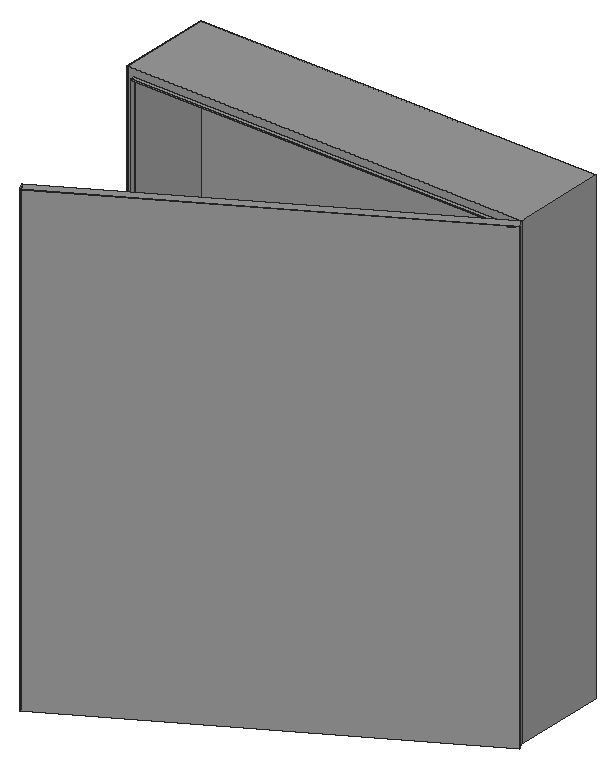
Revit family "Hager-Univers-IP44-D205-H950-Cl.I-encl-NoHosted-NL-en", category Equipement électrique, Revit 2020
Family settings
  Configuration du panneau = Deux colonnes, circuits au sein
  Cote de connecteur circulaire = Utiliser le diamètre
  Type d'élément = Tableau de raccordement
  Basée sur le plan de construction = Oui
  Toujours verticalement = Oui
  Couper avec des vides une fois chargée = Non
  Partagée = Non
  Point de calcul de pièce = Non
Parameters (values of type "Surface mounted (plaster) IP44 W800 H950 D205  - FP63QT")
  Width Control [instance] = if([EF000008 - Width] > Min Width, [EF000008 - Width], Min Width)  # 800 mm
  Commentaires du type = [HG000003 - Range]  # "Univers"
  Thickness Door [instance] = if([EF009171 - Material plate thickness door/cover] > 3 mm, 3 mm, [EF009171 - Material plate thickness door/cover])  # 1 mm
  Seal Frame Offset [instance] = 17 mm  # constant formula
  Plinth Visibility [instance] = [HG000027 - Plinth height] > 0 mm  # no
  Min Width [instance] = 100 mm  # constant formula
  Min Depth [instance] = (2 * [EF009170 - Material plate thickness cabinet]) + 1 mm  # 3 mm
  Min Height [instance] = 100 mm  # constant formula
  Internal Frame Depth [instance] = (Door System Depth * 0.5)  # 9 mm
  Panel Name [instance] = ""  # (empty or 0)
  Model = ""
  HG000027 - Plinth height = 0 mm
  HG000026 - Floor standing = no
  HG000024 - Bottom section height = 600 mm
  HG000023 - Double section enclosure = no
  HG000016 - Door 3d visibility [instance] = yes
  HG000015 - Clearance visibility [instance] = no
  HG000014 - Door on the right [instance] = yes
  HG000013 - Door on the left [instance] = not([HG000014 - Door on the right])  # no
  HG000012 - Door swing angle [instance] = 30.00°
  HG000010 - Asymmetric doors = no
  HG000009 - Double swing door = no
  HG000006 - Flush mounted = no
  HG000004 - Manufacturer reference = "FP63QT"
  HG000003 - Range = "Univers"
  HG000002 - With door or cover = yes
  Frame Offset Bottom [instance] = 10 mm  # constant formula
  Frame Offset [instance] = 15 mm  # constant formula
  EF015940 - Cover with overpressure release = no
  EF011959 - Degree of protection (NEMA) = ""
  EF009554 - Number of openings for flange plates = 6
  EF009212 - Cover model = "EV000116 - Closed"
  EF009171 - Material plate thickness door/cover = 1 mm
  EF009170 - Material plate thickness cabinet = 1 mm
  EF008873 - Nominal current (In) = 250 A
  EF007800 - Suitable for lightning protection = no
  EF006306 - With lock = no
  EF006244 - Transparent cover/door = no
  EF005474 - Degree of protection (IP) = "EV006418 - IP44"
  EF004464 - Type of door = "EV002646 - Single"
  EF004427 - Number of modules = 216
  EF004293 - Impact strength = "EV006815 - IK09"
  EF003532 - Suitable for outdoor use = no
  EF002950 - Width in number of modular spacings = 36
  EF001613 - Circuit integrity = "EV000494 - None"
  EF001596 - Material housing = "EV000179 - Steel"
  EF001131 - Internal depth = 130 mm
  EF001088 - Extension possible = yes
  EF000437 - Number of conduit inlets = 6
  EF000339 - Type of cover = "EV001012 - Cover"
  EF000266 - Number of rows = 6
  EF000218 - Built-in depth = 0 mm
  EF000118 - With mounting plate = no
  EF000116 - RAL-number = "9010"
  EF000049 - Depth = 205 mm
  EF000040 - Height = 950 mm
  EF000008 - Width = 800 mm
  EF000007 - Colour = "EV000202 - White"
  EF000003 - Mounting method = "EV000384 - Surface mounted (plaster)"
  Door System Leaf Tolerance [instance] = 1.5 mm  # constant formula
  Door System Depth [instance] = 18 mm  # constant formula
  Door Height [instance] = Height Control - [HG000027 - Plinth height]  # 950 mm
  Description = ""
  Default Elevation = 1219.2 mm
  Connector Offset [instance] = Height Control / 2  # 475 mm
  Fabricant = "Hager"  # constant formula
  Height Control [instance] = if([EF000040 - Height] > Min Height, [EF000040 - Height], Min Height)  # 950 mm
  Depth Control [instance] = if([EF000049 - Depth] > Min Depth, [EF000049 - Depth], Min Depth)  # 205 mm
  Bottom Top Plate Trim [instance] = 1.5 mm  # constant formula
  Plinth height Ctrl [instance] = if([HG000027 - Plinth height] > 0 mm, [HG000027 - Plinth height], 12 mm)  # 12 mm
Types (5, lengths in mm): name | Width Control | HG000004 - Manufacturer reference | EF009554 - Number of openings for flange plates | EF004464 - Type of door | EF004427 - Number of modules | EF002950 - Width in number of modular spacings | EF000437 - Number of conduit inlets | EF000008 - Width
  Surface mounted (plaster) IP44 W1050 H950 D205  - FP64QT | 1050 | "FP64QT" | 8 | "EV003602 - Double" | 288 | 48 | 8 | 1050
  Surface mounted (plaster) IP44 W1300 H950 D205  - FP65QT | 1300 | "FP65QT" | 10 | "EV003602 - Double" | 360 | 60 | 10 | 1300
  Surface mounted (plaster) IP44 W300 H950 D205  - FP61QT | 300 | "FP61QT" | 2 | "EV002646 - Single" | 72 | 12 | 2 | 300
  Surface mounted (plaster) IP44 W550 H950 D205  - FP62QT | 550 | "FP62QT" | 4 | "EV002646 - Single" | 144 | 24 | 4 | 550
  Surface mounted (plaster) IP44 W800 H950 D205  - FP63QT | 800 | "FP63QT" | 6 | "EV002646 - Single" | 216 | 36 | 6 | 800
Reference planes
  plane 1 "Center (Front/Back)": y = 0
  plane 2: z = 0
  plane 3 "Center (Left/Right)": x = 0
  plane 4: y = 0
  plane 5: y = 0
  plane 6: z = 0
  plane 7: x = -400
  plane 8: x = 400
  plane 9: x = 399
  plane 10: x = -399
  plane 11: z = 0
  plane 12: z = 1
  plane 13: y = -205
  plane 14: y = -1
  plane 15: x = 0
  plane 16: y = -187
  plane 17: y = -204
  plane 18: y = -186
  plane 19: x = -384
  plane 20: x = 384
  plane 21: z = 11
  plane 22: x = -383
  plane 23: x = 383
  plane 24: z = 0
  plane 25: z = 950
  plane 26: z = 950
  plane 27: z = 934
  plane 28: z = 949
Forms (mm)
  Extrusion 1, solid, material "Hager_Steel_RAL7035_Light_Grey", detail levels medium+fine
    sketch origin (-208.679, -4572, 0) x (-1, 0, 0) y (0, -1, 0)
      loop
        line (191.321, -4385) -> (-608.679, -4385) -> (-608.679, -4572) -> (191.321, -4572) -> (191.321, -4385)
    from 0 to 950
  Extrusion 2, void
    sketch origin (-350.771, -205, 1219.2) x (1, 0, 0) y (0, 0, 1)
      loop
        line (-48.229, -270.2) -> (-48.229, -1218.2) -> (749.771, -1218.2) -> (749.771, -270.2) -> (-48.229, -270.2)
    from -19 to -204
  Extrusion 3, void
    sketch origin (-290.084, -187, 1219.2) x (1, 0, 0) y (0, 0, 1)
      loop
        line (-93.916, -1208.2) -> (674.084, -1208.2) -> (674.084, -285.2) -> (-93.916, -285.2) -> (-93.916, -1208.2)
    from 0 to -1
  Extrusion 4, solid, material "Hager_Steel_RAL7035_Light_Grey", visible <- "Plinth Visibility", detail levels medium+fine
    sketch origin (0, 0, 0) x (1, 0, 0) y (0, 1, 0)
      loop
        line (-400, 0) -> (-400, -187) -> (400, -187) -> (400, 0) -> (-400, 0)
    from 0 to 12 <- "Plinth height Ctrl"
  Extrusion 5, solid, material "Hager_Steel_RAL7035_Light_Grey", detail levels coarse
    sketch origin (0, 0, 0) x (1, 0, 0) y (0, 1, 0)
      loop
        line (-400, 0) -> (-400, -205) -> (400, -205) -> (400, 0) -> (-400, 0)
    from 0 to 950 <- "Height Control"
  Sweep 6, void
    path in 3D
      loop
        line (-400, -187, 12) -> (400, -187, 12) -> (400, 0, 12) -> (-400, 0, 12) -> (-400, -187, 12)
    profile origin (-400, -93.5, 12) x (1, 0, 0) y (0, 0, 1)
      loop
        line (0, 0) -> (0, -1.5) -> (1.5, -1.5)
        arc (1.5, -1.5) -> (1.061, -0.439) -> (0, 0) r 1.5
  Extrusion 7, solid, material "Hager_Steel_RAL7035_Light_Grey", detail levels fine
    sketch origin (-400, -187, 0) x (1, 0, 0) y (0, 0, 1)
      loop
        line (16, 11) -> (784, 11) -> (784, 934) -> (16, 934) -> (16, 11)
      loop
        line (15, 10) -> (785, 10) -> (785, 935) -> (15, 935) -> (15, 10)
    from 0 to 9 <- "Internal Frame Depth"
Cuts and joins
  Extrusion 2, Extrusion 3 cuts Extrusion 1
  Sweep 6 cuts Extrusion 4
Lines and regions (mm)
  Masking region 1
    outline origin (0, 0, 0) x (1, 0, 0) y (0, 1, 0)
      loop
        line (-400, 0) -> (-400, -205) -> (400, -205) -> (400, 0) -> (-400, 0)
  Masking region 2, detail levels coarse
    outline origin (-290.084, -187, 1219.2) x (-1, 0, 0) y (0, 0, 1)
      loop
        line (-690.084, -1219.2) -> (109.916, -1219.2) -> (109.916, -269.2) -> (-690.084, -269.2) -> (-690.084, -1219.2)
  Masking region 3, detail levels coarse
    outline origin (0, 0, 0) x (0, 1, 0) y (0, 0, 1)
      loop
        line (0, 0) -> (0, 950) -> (-205, 950) -> (-205, 0) -> (0, 0)
  Masking region 4, visible <- "Plinth Visibility", detail levels medium+fine
    outline origin (0, 0, 0) x (0, 1, 0) y (0, 0, 1)
      loop
        line (-1.5, 12) -> (-185.5, 12)
        arc (-185.5, 12) -> (-185.939, 10.939) -> (-187, 10.5) r 1.5
        line (-187, 10.5) -> (-187, 0) -> (0, 0) -> (0, 10.5)
        arc (0, 10.5) -> (-1.061, 10.939) -> (-1.5, 12) r 1.5
  Masking region 5, detail levels medium+fine
    outline origin (0, 0, 594.038) x (0, 1, 0) y (0, 0, 1)
      loop
        line (0, -594.038) -> (0, 355.962) -> (-187, 355.962) -> (-187, -594.038) -> (0, -594.038)
  Masking region 6, detail levels medium+fine
    outline origin (-359.7, -187, 1211.883) x (-1, 0, 0) y (0, 0, 1)
      loop
        line (-759.7, -1211.883) -> (40.3, -1211.883) -> (40.3, -261.883) -> (-759.7, -261.883) -> (-759.7, -1211.883)
  Masking region 7, visible <- "Plinth Visibility", detail levels medium+fine
    outline origin (-320.334, -187, 1041.368) x (-1, 0, 0) y (0, 0, 1)
      loop
        line (-720.334, -1041.368) -> (79.666, -1041.368) -> (79.666, -1030.868)
        arc (79.666, -1030.868) -> (78.606, -1030.429) -> (78.166, -1029.368) r 1.5
        line (78.166, -1029.368) -> (-718.834, -1029.368)
        arc (-718.834, -1029.368) -> (-719.273, -1030.429) -> (-720.334, -1030.868) r 1.5
        line (-720.334, -1030.868) -> (-720.334, -1041.368)
  sketch lines
    curve 1: line (-400, 0, 12) -> (-400, -187, 12)
    curve 2: line (-400, -187, 12) -> (400, -187, 12)
    curve 3: line (400, 0, 12) -> (-400, 0, 12)
    curve 4: line (400, -187, 12) -> (400, 0, 12)
Dimensions and locks
  locked: plane 1 "Center (Front/Back)" to plane 5
  "EF009170 - Material plate thickness cabinet": plane 7 to plane 10
  "EF009170 - Material plate thickness cabinet": plane 8 to plane 9
  equal spacing: plane 7, plane 3 "Center (Left/Right)", plane 8
  "Width Control": plane 7 to plane 8
  "Depth Control": plane 4 to plane 13
  "EF009170 - Material plate thickness cabinet": plane 4 to plane 14
  "Height Control": plane 25 to level
  "HG000027 - Plinth height": plane 11 to level
  "EF009170 - Material plate thickness cabinet": plane 12 to plane 11
  "EF009170 - Material plate thickness cabinet": plane 17 to plane 13
  "EF009170 - Material plate thickness cabinet": plane 18 to plane 16
  "Frame Offset Bottom": plane 21 to plane 12
  "Frame Offset": plane 10 to plane 19
  "Frame Offset": plane 9 to plane 20
  "Door System Depth": plane 16 to plane 13
  "Seal Frame Offset": plane 7 to plane 22
  "Seal Frame Offset": plane 8 to plane 23
  "EF009170 - Material plate thickness cabinet": plane 26 to plane 28
  "Frame Offset": plane 28 to plane 27
  "Connector Offset": plane 2 to connector elem
  "Bottom Top Plate Trim": profile plane to Sweep 6 sketch curve
  "Bottom Top Plate Trim": Sweep 6 sketch curve to Sweep 6 sketch curve
  "Plinth height Ctrl": Masking region 4 sketch curve to level
  "Plinth height Ctrl": Masking region 7 sketch curve to level
  "Thickness Door": Extrusion 7 sketch curve to Extrusion 7 sketch curve  (x4)
  "Bottom Top Plate Trim": radius of Sweep 6 sketch curve
  "Bottom Top Plate Trim": radius of Masking region 4 sketch curve  (x2)
  "Bottom Top Plate Trim": radius of Masking region 7 sketch curve  (x2)
  aligned and locked: Extrusion 2 sketch curve to plane 12
  aligned and locked: Extrusion 2 sketch curve to plane 9
  aligned and locked: Extrusion 2 sketch curve to plane 10
  aligned and locked: Extrusion 2 to plane 14
  aligned and locked: Extrusion 1 sketch curve to plane 4
  aligned and locked: plane 8 to Extrusion 1 sketch curve
  aligned and locked: plane 7 to Extrusion 1 sketch curve
  aligned and locked: Extrusion 2 to plane 18
  aligned and locked: Extrusion 3 sketch curve to plane 19
  aligned and locked: plane 20 to Extrusion 3 sketch curve
  aligned and locked: Extrusion 3 to Extrusion 2
  aligned and locked: Extrusion 3 sketch curve to plane 21
  aligned and locked: plane 3 "Center (Left/Right)" to nested 1
  aligned and locked: Extrusion 1 sketch curve to plane 16
  aligned and locked: Extrusion 4 sketch curve to cut or joined group of Extrusion 1, Extrusion 2, Extrusion 3
  aligned and locked: Masking region 1 sketch curve to plane 7
  aligned and locked: Masking region 1 sketch curve to plane 5
  aligned and locked: Masking region 1 sketch curve to plane 8
  aligned and locked: Masking region 2 sketch curve to level
  aligned and locked: level to Masking region 3 sketch curve
  aligned and locked: plane 1 "Center (Front/Back)" to Masking region 3 sketch curve
  aligned and locked: plane 13 to Masking region 3 sketch curve
  aligned and locked: plane 5 to Masking region 4 sketch curve
  aligned and locked: Masking region 2 sketch curve to plane 8
  aligned and locked: Masking region 2 sketch curve to plane 7
  aligned and locked: plane 7 to nested 2
  aligned and locked: nested 2 to plane 5
  aligned and locked: plane 5 to Masking region 5 sketch curve
  aligned and locked: plane 26 to Masking region 5 sketch curve
  aligned and locked: Extrusion 5 sketch curve to plane 8
  aligned and locked: Extrusion 5 sketch curve to plane 7
  aligned and locked: Extrusion 5 sketch curve to plane 5
  aligned and locked: Extrusion 3 sketch curve to plane 27
  aligned and locked: Extrusion 2 sketch curve to plane 28
  aligned and locked: Masking region 2 to plane 25
  aligned and locked: Extrusion 4 to plane 16
  aligned and locked: profile plane to Sweep 6 sketch curve
  aligned and locked: Masking region 5 sketch curve to plane 24
  aligned and locked: level to Masking region 4 sketch curve
  aligned and locked: Masking region 1 to plane 13
  aligned and locked: nested 1 to plane 16
  aligned and locked: Masking region 3 to plane 25
  aligned and locked: plane 16 to Masking region 4 sketch curve
  aligned and locked: Masking region 5 sketch curve to plane 16
  aligned and locked: plane 24 to plane 11
  aligned and locked: plane 26 to plane 25
  aligned and locked: plane 26 to cut or joined group of Extrusion 1, Extrusion 2, Extrusion 3
  aligned and locked: nested 1 to plane 24
  aligned and locked: Extrusion 1 to Extrusion 3
  aligned and locked: Masking region 6 sketch curve to plane 8
  aligned and locked: Masking region 6 sketch curve to plane 24
  aligned and locked: Masking region 6 sketch curve to plane 7
  aligned and locked: Masking region 6 sketch curve to plane 26
  aligned and locked: Masking region 7 sketch curve to plane 7
  aligned and locked: level to Masking region 7 sketch curve
  aligned and locked: Masking region 7 sketch curve to plane 8
  aligned and locked: Extrusion 7 sketch curve to cut or joined group of Extrusion 1, Extrusion 2, Extrusion 3  (x4)
Automatic sketch dimensions
  plane 19 to Extrusion 3 sketch curve = 0 mm
  Extrusion 3 sketch curve to plane 20 = 0 mm
  Extrusion 3 sketch curve to plane 21 = 0 mm
  Extrusion 4 sketch curve to plane 7 = 0 mm
  Extrusion 4 sketch curve to plane 8 = 0 mm
  Extrusion 4 sketch curve to plane 16 = 0 mm
  Masking region 1 sketch curve to plane 13 = 0 mm
  Masking region 2 sketch curve to plane 25 = 0 mm
  Masking region 3 sketch curve to plane 25 = 0 mm
  Extrusion 5 sketch curve to plane 13 = 0 mm
  profile plane to Sweep 6 sketch curve = 0 mm
Nested families
  nested 1: "EC000058_Univers_Door" at (0, -187, 0), Double <- "HG000009 - Double swing door", Transparent <- "EF006244 - Transparent cover/door", Angle <- "HG000012 - Door swing angle", Door_Right <- "HG000014 - Door on the right", Assymetrical <- "HG000010 - Asymmetric doors", Door <- "HG000002 - With door or cover", Width_Ctrl <- "Width Control", 3d_Door <- "HG000016 - Door 3d visibility", Clearance <- "HG000015 - Clearance visibility", Door_Left <- "HG000013 - Door on the left", Width <- "Width Control", Door_Depth <- "Door System Depth", Leaf_Tolerance <- "Door System Leaf Tolerance", Height <- "Door Height", Lock_Visibility <- "EF006306 - With lock", Thickness <- "Thickness Door", type "EC000058_Univers_Door", detail levels medium+fine
    with min_wh 3 mm, Width_Ctrl 800 mm, Width 800 mm, Transparent no, Thickness 1 mm, Seal_Material Hager_Rubber, Lock_Visibility no, Lock_Material Hager_Plastic_RAL9005_Jet_Black, Leaf_Width 800 mm, Leaf_Tolerance_External_Sides 0 mm, Leaf_Tolerance 1.5 mm, Leaf_Offset 0 mm, Leaf_Height 947 mm, Leaf_2_Width 800 mm, Leaf_2_Offset 400 mm, Leaf_1_Width 800 mm, Leaf_1_Offset 400 mm, Height_Ctrl 950 mm, Height 950 mm, Glass_Material Hager_Glass, Double_Clearance_Ctrl no, Double no, Door_Right_Ctrl yes, Door_Right yes, Door_Material Hager_Steel_RAL7035_Light_Grey, Door_Left_Ctrl no, Door_Left no, Door_Depth 18 mm, Door yes, Clearance_Material Hager_Clearance, Clearance_Depth 800 mm, Clearance_Ctrl no, Clearance no, Assymetrical no, Angle 30.00°, 3d_Door yes
  nested 2: "Hager_Enclosure_Symbol" at (-400, 0, 0), Height <- "Depth Control", Width <- "Width Control", type "Hager_Enclosure_Symbol"
    with Width_Ctrl 800 mm, Width 800 mm, Height_Ctrl 205 mm, Height 205 mm, A_Width_Int 13.453 mm, A_Width 161.438 mm, A_Height_Ctrl 179.375 mm, A_Height 179.375 mm
Connectors
  electrical at (0, 0, 475)
    settings: on plane 1 "Center (Front/Back)", index 1, voltage 0 V, apparent load 0 VA, apparent load phase1 0 VA, apparent load phase2 0 VA, apparent load phase3 0 VA, power factor 1, load classification "Other", number of poles 1, system type 30, power factor state 1, is connector primary yes, connector utility no, sub classification motor no, connector description ""
Definition of nested family "EC000058_Univers_Door"
  Parameters (values of type "EC000058_Univers_Door")
    min_wh [instance] = (2 * Thickness) + 1 mm  # 11 mm
    Width_Ctrl [instance] = 400 mm
    Width [instance] = 500 mm
    Transparent [instance] = yes
    Thickness [instance] = 5 mm
    Seal_Material [instance] = none
    Lock_Visibility [instance] = yes
    Lock_Material [instance] = none
    Leaf_Width [instance] = if((Width_Ctrl - 2 * Leaf_Tolerance_External_Sides) > 0 mm, (Width_Ctrl - 2 * Leaf_Tolerance_External_Sides), min_wh)  # 400 mm
    Leaf_Tolerance_External_Sides [instance] = 0 mm  # constant formula
    Leaf_Tolerance [instance] = 1.5 mm
    Leaf_Offset [instance] = 0 mm  # constant formula
    Leaf_Height [instance] = if((Height_Ctrl - 2 * Leaf_Tolerance) > 0 mm, (Height_Ctrl - 2 * Leaf_Tolerance), min_wh)  # 497 mm
    Leaf_2_Width [instance] = if(and(and(Double, Assymetrical), Door_Left), (Leaf_Width / 3) - (Leaf_Tolerance / 2), if(and(and(Double, Assymetrical), Door_Right), (Leaf_Width / 3) * 2 - (Leaf_Tolerance / 2), if(and(Double, not(Assymetrical)), (Leaf_Width / 2) - Leaf_Tolerance, Leaf_Width)))  # 400 mm
    Leaf_2_Offset [instance] = if(and(Double, Assymetrical), Leaf_2_Width / 2, if(and(Double, not(Assymetrical)), Leaf_Width / 4, Leaf_Width / 2))  # 200 mm
    Leaf_1_Width [instance] = if(and(and(Double, Assymetrical), Door_Right), (Leaf_Width / 3) - (Leaf_Tolerance / 2), if(and(and(Double, Assymetrical), Door_Left), (Width / 3) * 2 - (Leaf_Tolerance / 2), if(and(Double, not(Assymetrical)), (Leaf_Width / 2) - Leaf_Tolerance, Leaf_Width)))  # 400 mm
    Leaf_1_Offset [instance] = if(and(Double, Assymetrical), Leaf_1_Width / 2, if(and(Double, not(Assymetrical)), Leaf_Width / 4, Leaf_Width / 2))  # 200 mm
    Height_Ctrl [instance] = if(Height > min_wh, Height, min_wh)  # 500 mm
    Height [instance] = 500 mm
    Glass_Material [instance] = none
    Double_Clearance_Ctrl [instance] = and(Double, Clearance)  # no
    Double [instance] = no
    Door_Right_Ctrl [instance] = and(or(Door_Right, Double), Door)  # yes
    Door_Right [instance] = yes
    Door_Material [instance] = none
    Door_Left_Ctrl [instance] = and(or(Door_Left, Double), Door)  # no
    Door_Left [instance] = no
    Door_Depth [instance] = 30 mm
    Door [instance] = yes
    Default Elevation = 1219.2 mm
    Clearance_Material [instance] = none
    Clearance_Depth [instance] = if(Leaf_1_Width > Leaf_2_Width, Leaf_1_Width, Leaf_2_Width)  # 400 mm
    Clearance_Ctrl [instance] = and(not(Double), Clearance)  # yes
    Clearance [instance] = yes
    Assymetrical [instance] = yes
    Angle [instance] = 30.00°
    3d_Door [instance] = yes
  Reference planes
    plane 1 "Center (Front/Back)": y = 0
    plane 2 "Bottom": z = 0
    plane 3 "Center (Left/Right)": x = 0
    plane 4: z = 500
    plane 5: x = -200
    plane 6: x = 200
    plane 7: z = 500
    plane 8: x = -200
    plane 9: z = 0
    plane 10: x = 200
    plane 11: y = 0
    plane 12: z = 1.5
    plane 13: x = -600
    plane 14: y = -400
    plane 15: x = 600
    plane 16: x = 0
    plane 17: x = 0
    plane 18: x = -200
    plane 19: x = 200
    plane 20: z = 498.5
  Forms (mm)
    Extrusion 1, solid, material <- "Clearance_Material", visible <- "Double_Clearance_Ctrl"
      sketch origin (1200, 0, 0) x (1, 0, 0) y (0, 0, -1)
        loop
          line (-1800, -498.5) -> (-600, -498.5) -> (-600, 0) -> (-1800, 0) -> (-1800, -498.5)
      from 0 to -400
  Dimensions and locks
    equal spacing: plane 5, plane 3 "Center (Left/Right)", plane 6
    "Width_Ctrl": plane 5 to plane 6
    "Leaf_Offset": plane 5 to plane 8
    "Leaf_Offset": plane 6 to plane 10
    "Leaf_Offset": plane 9 to level
    "Leaf_Offset": plane 4 to plane 7
    "Height_Ctrl": plane 4 to level
    "Leaf_Tolerance": plane 12 to plane 9
    locked: plane 11 to plane 1 "Center (Front/Back)"
    "Leaf_1_Offset": plane 18 to plane 16
    "Leaf_2_Offset": plane 17 to plane 19
    "Leaf_1_Width": plane 13 to plane 8
    "Leaf_2_Width": plane 10 to plane 15
    "Clearance_Depth": plane 14 to plane 1 "Center (Front/Back)"
    "Leaf_Tolerance_External_Sides": plane 8 to plane 18
    "Leaf_Tolerance_External_Sides": plane 19 to plane 10
    "Leaf_Tolerance": plane 7 to plane 20
    aligned and locked: level to plane 2 "Bottom"
    aligned and locked: nested 1 to plane 16
    aligned and locked: nested 2 to plane 17
    aligned and locked: Extrusion 1 to plane 13
    aligned and locked: plane 15 to Extrusion 1
    aligned and locked: Extrusion 1 to plane 14
    aligned and locked: plane 12 to nested 1
    aligned and locked: nested 2 to plane 12
    aligned and locked: Extrusion 1 to plane 11
    aligned and locked: plane 20 to Extrusion 1
    aligned and locked: nested 2 to plane 11
    aligned and locked: nested 1 to plane 11
  Automatic sketch dimensions
    Extrusion 1 sketch curve to level = 0 mm
    plane 5 to Extrusion 1 sketch curve = 400 mm
    plane 6 to Extrusion 1 sketch curve = 400 mm
    Extrusion 1 sketch curve to plane 4 = 1.5 mm
  Nested families
    nested 1: "EC000058_Univers_Door_Leaf" at (0, 0, 1.5), Width <- "Leaf_1_Width", visible <- "Door_Left_Ctrl", Leaf_Height <- "Leaf_Height", Angle <- "Angle", 3d_Door <- "3d_Door", Transparent <- "Transparent", Clearance Material <- "Clearance_Material", Clearance <- "Clearance_Ctrl", Door_Material <- "Door_Material", Glass_Material <- "Glass_Material", Door_Depth <- "Door_Depth", Lock_Material <- "Lock_Material", Seal_Material <- "Seal_Material", Lock_Visibility <- "Lock_Visibility", Thickness <- "Thickness", type "EC000058_Univers_Door_Leaf"
      with Width 400 mm, Transparent_Glass_Offset 30 mm, Transparent_Ctrl yes, Transparent yes, Thickness 5 mm, Standard no, Seal_Material none, Seal_D2 8 mm, Seal_D1 1 mm, Offset_Internal_Frame 10 mm, Lock_Width 20 mm, Lock_Visibility_3d yes, Lock_Visibility yes, Lock_Thickness_3 3 mm, Lock_Thickness_2 1 mm, Lock_Thickness_1 3 mm, Lock_Radius_Offset_2 16 mm, Lock_Radius_Offset_1 15 mm, Lock_Radius_2 5 mm, Lock_Radius 6 mm, Lock_Offset 5 mm, Lock_Material none, Lock_Height 80 mm, Lock_Cover_Top_Offset_2d 17 mm, Lock_Cover_Height -65 mm, Leaf_Height 497 mm, Internal_Seal_Thickness 8 mm, Internal_Seal_Depth_2 4.5 mm, Internal_Frame_Depth 25 mm, Glass_Thickness -1 mm, Glass_Offset -2 mm, Glass_Material none, Door_Material none, Door_Depth 30 mm, Clearance Material none, Clearance yes, Angle_Ctrl 30.00°, Angle 30.00°, 3d_Door yes
    nested 2: "EC000058_Univers_Door_Leaf" at (0, 0, 1.5) x (-1, 0, 0) z (0, 0, 1), Width <- "Leaf_2_Width", visible <- "Door_Right_Ctrl", Leaf_Height <- "Leaf_Height", Angle <- "Angle", 3d_Door <- "3d_Door", Transparent <- "Transparent", Clearance Material <- "Clearance_Material", Clearance <- "Clearance_Ctrl", Door_Material <- "Door_Material", Glass_Material <- "Glass_Material", Door_Depth <- "Door_Depth", Lock_Material <- "Lock_Material", Seal_Material <- "Seal_Material", Lock_Visibility <- "Lock_Visibility", Thickness <- "Thickness", type "EC000058_Univers_Door_Leaf"
      with Width 400 mm, Transparent_Glass_Offset 30 mm, Transparent_Ctrl yes, Transparent yes, Thickness 5 mm, Standard no, Seal_Material none, Seal_D2 8 mm, Seal_D1 1 mm, Offset_Internal_Frame 10 mm, Lock_Width 20 mm, Lock_Visibility_3d yes, Lock_Visibility yes, Lock_Thickness_3 3 mm, Lock_Thickness_2 1 mm, Lock_Thickness_1 3 mm, Lock_Radius_Offset_2 16 mm, Lock_Radius_Offset_1 15 mm, Lock_Radius_2 5 mm, Lock_Radius 6 mm, Lock_Offset 5 mm, Lock_Material none, Lock_Height 80 mm, Lock_Cover_Top_Offset_2d 17 mm, Lock_Cover_Height -65 mm, Leaf_Height 497 mm, Internal_Seal_Thickness 8 mm, Internal_Seal_Depth_2 4.5 mm, Internal_Frame_Depth 25 mm, Glass_Thickness -1 mm, Glass_Offset -2 mm, Glass_Material none, Door_Material none, Door_Depth 30 mm, Clearance Material none, Clearance yes, Angle_Ctrl 30.00°, Angle 30.00°, 3d_Door yes
  Definition of nested family "EC000058_Univers_Door_Leaf"
    Parameters (values of type "EC000058_Univers_Door_Leaf")
      Width [instance] = 2000 mm
      Transparent_Glass_Offset [instance] = 30 mm
      Transparent_Ctrl [instance] = and(Transparent, [3d_Door])  # yes
      Transparent [instance] = yes
      Thickness [instance] = 5 mm
      Standard [instance] = and(not(Transparent), [3d_Door])  # no
      Seal_Material [instance] = none
      Seal_D2 [instance] = 8 mm  # constant formula
      Seal_D1 [instance] = 1 mm  # constant formula
      Offset_Internal_Frame [instance] = 10 mm  # constant formula
      Lock_Width [instance] = 20 mm  # constant formula
      Lock_Visibility_3d [instance] = and(Lock_Visibility, [3d_Door])  # yes
      Lock_Visibility [instance] = yes
      Lock_Thickness_3 [instance] = 3 mm  # constant formula
      Lock_Thickness_2 [instance] = 1 mm  # constant formula
      Lock_Thickness_1 [instance] = 3 mm  # constant formula
      Lock_Radius_Offset_2 [instance] = Lock_Radius_Offset_1 + 1 mm  # 16 mm
      Lock_Radius_Offset_1 [instance] = 15 mm  # constant formula
      Lock_Radius_2 [instance] = Lock_Radius - 1 mm  # 5 mm
      Lock_Radius [instance] = 6 mm  # constant formula
      Lock_Offset [instance] = 5 mm  # constant formula
      Lock_Material [instance] = none
      Lock_Height [instance] = 80 mm  # constant formula
      Lock_Cover_Top_Offset_2d [instance] = Lock_Radius_Offset_2 + 1 mm  # 17 mm
      Lock_Cover_Height [instance] = -(Lock_Height - Lock_Radius_Offset_1)  # -65 mm
      Leaf_Height [instance] = 2720.336 mm
      Internal_Seal_Thickness [instance] = 8 mm  # constant formula
      Internal_Seal_Depth_2 [instance] = 4.5 mm  # constant formula
      Internal_Frame_Depth [instance] = if(Door_Depth - Thickness > 5 mm, Door_Depth - Thickness, 5 mm)  # 25 mm
      Glass_Thickness [instance] = if(Thickness > 15 mm, Glass_Offset + 10 mm, -1 mm)  # -1 mm
      Glass_Offset [instance] = if(Thickness > 15 mm, -(Thickness + 10 mm) / 2, -2 mm)  # -2 mm
      Glass_Material [instance] = none
      Door_Material [instance] = none
      Door_Depth [instance] = 30 mm
      Default Elevation = 0 mm
      Clearance Material [instance] = none
      Clearance [instance] = yes
      Angle_Ctrl [instance] = if(Angle > 180.00°, 180.00°, Angle)  # 90.00°
      Angle [instance] = 90.00°
      3d_Door [instance] = yes
    Reference planes
      plane 1 "Center (Front/Back)": y = 0
      plane 2: z = 0
      plane 3 "Center (Left/Right)": x = 0
      plane 4: y = 2000
      plane 5: x = -1000
      plane 6: x = 1000
      plane 7: x = -3000
      plane 8: z = 2720.336
      plane 9: z = 30
      plane 10: z = 2690.336
      plane 11: x = 970
      plane 12: x = -970
      plane 13: y = -3
      plane 14: z = 107.833
      plane 15: y = -5
      plane 16: y = -223.314
      plane 17: x = -1000
      plane 18: z = 1360.168
      plane 19: y = 30
    Forms (mm)
      Extrusion 1, solid, material <- "Clearance Material", visible <- "Clearance"
        sketch origin (0, 0, 0) x (1, 0, 0) y (0, 0, 1)
          loop
            line (-3000, 2720.336) -> (-3000, 0) -> (1000, 0) -> (1000, 2720.336) -> (-3000, 2720.336)
        from 0 to -2000
      Extrusion 2, solid, material <- "Door_Material", visible <- "Standard", detail levels medium+fine
        sketch origin (-1000, 0, 0) x (0, 1, 0) y (-1, 0, 0)
          loop
            line (0, 30) -> (0, 25) -> (2000, 25) -> (2000, 30) -> (0, 30)
        from 0 to 2720.336 <- "Leaf_Height"
      Extrusion 3, solid, material <- "Door_Material", visible <- "Transparent_Ctrl", detail levels medium+fine
        sketch origin (-1000, 0, 0) x (0, 1, 0) y (-1, 0, 0)
          loop
            line (0, 25) -> (2000, 25) -> (2000, 30) -> (0, 30) -> (0, 25)
        from 0 to 2720.336 <- "Leaf_Height"
      Extrusion 4, void
        sketch origin (-1025, 2000, 0) x (0, 1, 0) y (0, 0, -1)
          loop
            line (-30, -2690.336) -> (-30, -30) -> (-1970, -30) -> (-1970, -2690.336) -> (-30, -2690.336)
        from 0 to 5 <- "Thickness"
      Sweep 5, solid, material <- "Seal_Material", visible <- "Transparent_Ctrl", detail levels fine
        path in 3D
          loop
            line (-1025, 30, 30) -> (-1025, 30, 2690.336) -> (-1025, 1970, 2690.336) -> (-1025, 1970, 30) -> (-1025, 30, 30)
        profile origin (-1025, 1000, 30) x (1, 0, 0) y (0, 0, 1)
          loop
            line (0, 0) -> (0, -8) -> (1, -8) -> (1, 0) -> (0, 0)
      Extrusion 6, solid, material <- "Glass_Material", visible <- "Transparent_Ctrl", detail levels medium+fine
        sketch origin (-1030, 0, 0) x (0, 1, 0) y (0, 0, -1)
          loop
            line (1970, -2690.336) -> (1970, -30) -> (30, -30) -> (30, -2690.336) -> (1970, -2690.336)
        from -2 <- "Glass_Offset" to -1 <- "Glass_Thickness"
      Extrusion 7, solid, material <- "Door_Material", visible <- "3d_Door", detail levels medium+fine
        sketch origin (-1025, 2000, 0) x (0, -1, 0) y (0, 0, -1)
          loop
            line (0, -2720.336) -> (2000, -2720.336) -> (2000, 0) -> (0, 0) -> (0, -2720.336)
          loop
            line (1995, -5) -> (5, -5) -> (5, -2715.336) -> (1995, -2715.336) -> (1995, -5)
        from 0 to 25 <- "Internal_Frame_Depth"
      Sweep 8, solid, material <- "Seal_Material", visible <- "Transparent_Ctrl", detail levels fine
        path in 3D
          loop
            line (-1025, 0, 0) -> (-1025, 2000, 0) -> (-1025, 2000, 2720.336) -> (-1025, 0, 2720.336) -> (-1025, 0, 0)
        profile origin (-1025, 0, 1360.168) x (1, 0, 0) y (0, 1, 0)
          loop
            line (0, 10) -> (2.975, 10)
            arc (2.975, 10) -> (4.053, 10.447) -> (4.5, 11.525) r 1.525
            line (4.5, 11.525) -> (4.5, 16.527)
            arc (4.5, 16.527) -> (4.069, 17.569) -> (3.027, 18) r 1.473
            line (3.027, 18) -> (0, 18) -> (0, 10)
      Extrusion 9, solid, material <- "Lock_Material", visible <- "Lock_Visibility_3d", detail levels fine
        sketch origin (-1030, 0, 0) x (0, 1, 0) y (0, 0, -1)
          loop
            arc (1993.5, -1400.168) -> (1994.561, -1399.729) -> (1995, -1398.668) r 1.5
            line (1995, -1398.668) -> (1995, -1320.168) -> (1975, -1320.168) -> (1975, -1398.668)
            arc (1975, -1398.668) -> (1975.439, -1399.729) -> (1976.5, -1400.168) r 1.5
            line (1976.5, -1400.168) -> (1993.5, -1400.168)
        from 3 <- "Lock_Thickness_1" to 0
      Blend 10, solid, material <- "Lock_Material", visible <- "Lock_Visibility_3d", detail levels fine
        base sketch origin (-1033, 0, 0) x (0, 1, 0) y (0, 0, -1)
          loop
            line (1975, -1320.168) -> (1975, -1398.668)
            arc (1975, -1398.668) -> (1975.439, -1399.729) -> (1976.5, -1400.168) r 1.5
            line (1976.5, -1400.168) -> (1993.5, -1400.168)
            arc (1993.5, -1400.168) -> (1994.561, -1399.729) -> (1995, -1398.668) r 1.5
            line (1995, -1398.668) -> (1995, -1320.168) -> (1975, -1320.168)
        top sketch origin (-1033, 0, 0) x (0, 1, 0) y (0, 0, -1)
          loop
            line (1976, -1320.168) -> (1976, -1398.668)
            arc (1976, -1398.668) -> (1976.146, -1399.022) -> (1976.5, -1399.168) r 0.5
            line (1976.5, -1399.168) -> (1993.5, -1399.168)
            arc (1993.5, -1399.168) -> (1993.854, -1399.022) -> (1994, -1398.668) r 0.5
            line (1994, -1398.668) -> (1994, -1320.168) -> (1976, -1320.168)
        from 0 to 1 <- "Lock_Thickness_2"
      Blend 11, solid, material <- "Lock_Material", visible <- "Lock_Visibility_3d", detail levels fine
        base sketch origin (-1034, 0, 0) x (0, 1, 0) y (0, 0, -1)
          loop
            line (1978, -1320.168) -> (1978, -1384.168)
            arc (1978, -1384.168) -> (1985, -1391.168) -> (1992, -1384.168) r 7
            line (1992, -1384.168) -> (1992, -1320.168) -> (1978, -1320.168)
        top sketch origin (-1034, 0, 0) x (0, 1, 0) y (0, 0, -1)
          loop
            line (1991, -1320.168) -> (1979, -1320.168) -> (1979, -1383.168)
            arc (1979, -1383.168) -> (1985, -1389.168) -> (1991, -1383.168) r 6
            line (1991, -1383.168) -> (1991, -1320.168)
        from 0 to 3 <- "Lock_Thickness_3"
      Extrusion 12, solid, material <- "Lock_Material", visible <- "Lock_Visibility_3d", detail levels fine
        sketch origin (-1030, 1975, 1320.168) x (1, 0, 0) y (0, -1, 0)
          loop
            line (-7, -19) -> (-7, -1) -> (0, -1) -> (0, 0) -> (-8, 0) -> (-8, -20) -> (0, -20) -> (0, -19) -> (-7, -19)
        from 0 to -65 <- "Lock_Cover_Height"
      Extrusion 13, void
        sketch origin (-1038, 1995, 1320.168) x (-1, 0, 0) y (0, 0, -1)
          loop
            line (-5, -65) -> (0, -65) -> (-5, -60) -> (-5, -65)
        from 0 to 20 <- "Lock_Width"
      Extrusion 14, void
        sketch origin (-1038, 1975, 1320.168) x (0, -1, 0) y (0, 0, -1)
          loop
            circle (-10, -15.995) r 6
          loop
            circle (-10, -15.995) r 5
        from 0 to 2
      Extrusion 15, solid, material <- "Lock_Material", visible <- "Lock_Visibility_3d", detail levels medium
        sketch origin (-1030, 0, 0) x (0, 1, 0) y (0, 0, -1)
          loop
            arc (1993.5, -1400.168) -> (1994.561, -1399.729) -> (1995, -1398.668) r 1.5
            line (1995, -1398.668) -> (1995, -1320.168) -> (1975, -1320.168) -> (1975, -1398.668)
            arc (1975, -1398.668) -> (1975.439, -1399.729) -> (1976.5, -1400.168) r 1.5
            line (1976.5, -1400.168) -> (1993.5, -1400.168)
        from 8 to 0
    Cuts and joins
      Extrusion 4 cuts Extrusion 3
      Extrusion 13, Extrusion 14 cuts Extrusion 9
      Extrusion 14 cuts Blend 11
      Extrusion 13, Extrusion 14 cuts Extrusion 12
      joined: Extrusion 9, Blend 10, Blend 11, Extrusion 12
      Extrusion 14 cuts Extrusion 15
    Lines and regions (mm)
      Masking region 1, visible <- "Lock_Visibility", detail levels fine
        outline origin (0, 0, 0) x (0, 1, 0) y (0, 0, 1)
          loop
            line (30, 1320.168) -> (33, 1320.168) -> (33, 1400.168) -> (30, 1400.168) -> (30, 1320.168)
      Masking region 2, visible <- "Lock_Visibility", detail levels fine
        outline origin (0, 3.143, 0) x (0, 1, 0) y (0, 0, 1)
          loop
            line (29.857, 1354.168) -> (30.857, 1354.168) -> (30.857, 1366.168) -> (29.857, 1366.168) -> (29.857, 1354.168)
      Masking region 3, detail levels medium+fine
        outline origin (0, 0, 0) x (0, 1, 0) y (0, 0, 1)
          loop
            line (0, 0) -> (30, 0) -> (30, 2720.336) -> (0, 2720.336) -> (0, 0)
      Masking region 4, detail levels medium+fine
        outline origin (0, 0, 0) x (1, 0, 0) y (0, 0, 1)
          loop
            line (-1000, 2720.336) -> (-1000, 0) -> (1000, 0) -> (1000, 2720.336) -> (-1000, 2720.336)
      Masking region 5, visible <- "Lock_Visibility", detail levels fine
        outline origin (-47.116, 0, 0) x (1, 0, 0) y (0, 0, 1)
          loop
            arc (1024.616, 1399.168) -> (1023.556, 1398.729) -> (1023.116, 1397.668) r 1.5
            line (1023.116, 1397.668) -> (1023.116, 1320.168) -> (1041.116, 1320.168) -> (1041.116, 1397.668)
            arc (1041.116, 1397.668) -> (1040.677, 1398.729) -> (1039.616, 1399.168) r 1.5
            line (1039.616, 1399.168) -> (1024.616, 1399.168)
      Masking region 6, visible <- "Lock_Visibility", detail levels medium+fine
        outline origin (-25, 0, 0) x (1, 0, 0) y (0, 0, 1)
          loop
            arc (1001.5, 1400.168) -> (1000.439, 1399.729) -> (1000, 1398.668) r 1.5
            line (1000, 1398.668) -> (1000, 1320.168) -> (1020, 1320.168) -> (1020, 1398.668)
            arc (1020, 1398.668) -> (1019.561, 1399.729) -> (1018.5, 1400.168) r 1.5
            line (1018.5, 1400.168) -> (1001.5, 1400.168)
      Masking region 7, visible <- "Lock_Visibility", detail levels fine
        outline origin (-73.735, 0, 0) x (1, 0, 0) y (0, 0, 1)
          loop
            line (1051.735, 1382.168) -> (1065.735, 1382.168) -> (1065.735, 1384.168)
            arc (1065.735, 1384.168) -> (1058.735, 1391.168) -> (1051.735, 1384.168) r 7
            line (1051.735, 1384.168) -> (1051.735, 1382.168)
      Masking region 8, visible <- "Lock_Visibility", detail levels fine
        outline origin (-73.735, 0, 0) x (1, 0, 0) y (0, 0, 1)
          loop
            line (1052.735, 1382.168) -> (1064.735, 1382.168) -> (1064.735, 1383.168)
            arc (1064.735, 1383.168) -> (1058.735, 1389.168) -> (1052.735, 1383.168) r 6
            line (1052.735, 1383.168) -> (1052.735, 1382.168)
      Masking region 9, visible <- "Lock_Visibility", detail levels fine
        outline origin (-25, 0, 0) x (1, 0, 0) y (0, 0, 1)
          loop
            line (1020, 1320.168) -> (1020, 1382.168) -> (1000, 1382.168) -> (1000, 1320.168) -> (1020, 1320.168)
      Masking region 10, detail levels medium+fine
        outline origin (0, 0, 0) x (1, 0, 0) y (0, 0, 1)
          loop
            circle (985, 1335.144) r 6
      Masking region 11, detail levels fine
        outline origin (0, 0, 0) x (1, 0, 0) y (0, 0, 1)
          loop
            circle (985, 1335.144) r 5
      Masking region 12, visible <- "Lock_Visibility", detail levels fine
        outline origin (0, 12.767, 0) x (0, 1, 0) y (0, 0, 1)
          loop
            line (20.233, 1320.168) -> (21.233, 1320.168) -> (21.233, 1399.168) -> (20.233, 1400.168) -> (20.233, 1320.168)
      Masking region 13, visible <- "Lock_Visibility", detail levels fine
        outline origin (0, 13.767, -10) x (0, 1, 0) y (0, 0, 1)
          loop
            line (20.233, 1330.168) -> (23.233, 1330.168) -> (23.233, 1399.168) -> (20.233, 1402.168) -> (20.233, 1330.168)
      Masking region 14, visible <- "Lock_Visibility", detail levels fine
        outline origin (0, 12.767, -10) x (0, 1, 0) y (0, 0, 1)
          loop
            line (20.233, 1330.168) -> (25.233, 1330.168) -> (25.233, 1399.305) -> (20.233, 1394.305) -> (20.233, 1330.168)
      Masking region 15, visible <- "Lock_Visibility", detail levels medium
        outline origin (0, 0, 0) x (0, 1, 0) y (0, 0, 1)
          loop
            line (30, 1320.168) -> (38, 1320.168) -> (38, 1400.168) -> (30, 1400.168) -> (30, 1320.168)
      Masking region 16, visible <- "Lock_Visibility", detail levels fine
        outline origin (-1000, 0, 0) x (0, 1, 0) y (-1, 0, 0)
          loop
            line (1975, 30) -> (1995, 30) -> (1995, 38) -> (1975, 38) -> (1975, 30)
          loop
            line (1979, 37) -> (1976, 37) -> (1976, 34) -> (1978, 34) -> (1979, 37)
          loop
            line (1994, 37) -> (1991, 37) -> (1992, 34) -> (1994, 34) -> (1994, 37)
      Masking region 17, visible <- "Lock_Visibility", detail levels medium
        outline origin (-1000, 0, 0) x (0, 1, 0) y (-1, 0, 0)
          loop
            line (1975, 30) -> (1995, 30) -> (1995, 38) -> (1975, 38) -> (1975, 30)
      symbolic lines
        curve 1: line (1000, 0, 0) -> (-3000, 0, 0)
        curve 2: arc (1000, 0, 0) -> (-1000, 2000, 0) -> (-3000, 0, 0) r 2000
        curve 4: line (-1030, 0, 0) -> (-1030, 2000, 0)
      reference lines
        curve 3: line (-1000, 0, 0) -> (-1000, 2000, 0)
      symbolic lines, detail levels medium+fine
        curve 5: line (-1030, 2000, 0) -> (-1025, 2000, 0)
        curve 7: line (-1025, 0, 0) -> (-1030, 0, 0)
        curve 8: line (-1025, 0, 0) -> (-1000, 0, 0)
        curve 9: line (-1000, 0, 0) -> (-1000, 2000, 0)
        curve 10: line (-1000, 2000, 0) -> (-1025, 2000, 0)
      symbolic lines, detail levels fine
        curve 6: line (-1025, 2000, 0) -> (-1025, 0, 0)
      sketch lines
        curve 11: line (-1025, 0, 2720.336) -> (-1025, 0, 0)
        curve 12: line (-1025, 2000, 0) -> (-1025, 0, 0)
        curve 13: line (-1025, 2000, 2720.336) -> (-1025, 2000, 0)
        curve 14: line (-1025, 0, 2720.336) -> (-1025, 2000, 2720.336)
        curve 15: line (-1025, 1970, 30) -> (-1025, 30, 30)
        curve 16: line (-1025, 30, 30) -> (-1025, 30, 2690.336)
        curve 17: line (-1025, 1970, 2690.336) -> (-1025, 1970, 30)
        curve 18: line (-1025, 30, 2690.336) -> (-1025, 1970, 2690.336)
      symbolic lines, visible <- "Transparent", detail levels medium+fine
        curve 19: line (-970, 0, 2690.336) -> (970, 0, 2690.336)
        curve 20: line (-970, 0, 30) -> (-970, 0, 2690.336)
        curve 21: line (970, 0, 30) -> (-970, 0, 30)
        curve 22: line (970, 0, 2690.336) -> (970, 0, 30)
    Dimensions and locks
      "Width": plane 1 "Center (Front/Back)" to plane 4
      equal spacing: plane 5, plane 3 "Center (Left/Right)", plane 6
      "Width": plane 5 to plane 6
      "Width": plane 7 to plane 5
      "Leaf_Height": plane 8 to level
      "Width": curve 5 to curve 3
      "Width": curve 3 to curve 3
      plane 8 to plane 10 = 30 mm
      plane 9 to level = 30 mm
      plane 12 to plane 5 = 30 mm
      plane 6 to plane 11 = 30 mm
      Extrusion 1 to Extrusion 4 sketch curve = 30 mm
      "Transparent_Glass_Offset": curve 3 to Extrusion 4 sketch curve
      "Transparent_Glass_Offset": Extrusion 4 sketch curve to cut or joined group of Extrusion 3, Extrusion 4  (x2)
      cut or joined group of Extrusion 3, Extrusion 4 to Extrusion 6 sketch curve = 30 mm
      "Transparent_Glass_Offset": cut or joined group of Extrusion 3, Extrusion 4 to Extrusion 4 sketch curve
      "Thickness": curve 6 to curve 4
      "Thickness": Extrusion 7 sketch curve to Extrusion 7 sketch curve  (x4)
      "Door_Depth": curve 4 to curve 3
      "Offset_Internal_Frame": profile plane to Sweep 8 sketch curve
      "Internal_Seal_Thickness": Sweep 8 sketch curve to Sweep 8 sketch curve
      "Internal_Seal_Depth_2": profile plane to Sweep 8 sketch curve
      "Seal_D1": profile plane to Sweep 5 sketch curve
      "Seal_D2": profile plane to Sweep 5 sketch curve
      "Thickness": Extrusion 2 sketch curve to Extrusion 2 sketch curve
      equal spacing: Extrusion 9 sketch curve, plane 18, Extrusion 9 sketch curve  (x2)
      equal spacing: Masking region 1 sketch curve, plane 18, Masking region 1 sketch curve
      "Lock_Height": Masking region 1 sketch curve to Masking region 1 sketch curve
      "Lock_Radius": Masking region 2 sketch curve to plane 18 to Masking region 2 sketch curve
      Masking region 2 sketch curve to Masking region 1 = 1 mm
      "Door_Depth": plane 19 to plane 1 "Center (Front/Back)"
      "Lock_Thickness_1": Masking region 1 sketch curve to plane 19
      "Lock_Width": Extrusion 9 sketch curve to Extrusion 9 sketch curve
      "Lock_Height": Extrusion 9 sketch curve to Extrusion 9 sketch curve
      "Lock_Offset": cut or joined group of Extrusion 3, Extrusion 4 to Extrusion 9 sketch curve
      equal spacing: plane 8, plane 18, level
      "Lock_Radius_Offset_1": Blend 11 sketch curve to Blend 10
      locked: Blend 10 to Blend 11 sketch curve at 2  (x2)
      locked: var sketch to Blend 11 sketch curve at 1  (x2)
      "Lock_Radius_Offset_2": Blend 11 sketch curve to Blend 10
      locked: Extrusion 12 sketch curve to Extrusion 12 sketch curve at 1  (x3)
      Masking region 6 sketch curve to Masking region 6 sketch curve = 80 mm
      "Lock_Height": Masking region 6 sketch curve to Masking region 6 sketch curve
      "Lock_Width": Masking region 6 sketch curve to Masking region 6 sketch curve
      locked: Masking region 6 to Masking region 5 sketch curve at 1  (x3)
      locked: Masking region 5 to Masking region 7 sketch curve at 2  (x2)
      "Lock_Radius_Offset_1": Masking region 5 to Masking region 7 sketch curve
      "Lock_Radius_Offset_2": Masking region 5 to Masking region 8 sketch curve
      locked: Masking region 7 to Masking region 8 sketch curve at 1  (x2)
      "Lock_Cover_Top_Offset_2d": Masking region 5 to Masking region 9 sketch curve
      equal spacing: Masking region 9, Masking region 10 sketch curve, Masking region 9
      equal spacing: Masking region 9, Masking region 11 sketch curve, Masking region 9
      Extrusion 15 sketch curve to Extrusion 15 sketch curve = 80 mm
      "Lock_Width": Extrusion 15 sketch curve to Extrusion 15 sketch curve
      "Lock_Height": Extrusion 15 sketch curve to Extrusion 15 sketch curve
      equal spacing: Extrusion 15 sketch curve, plane 18, Extrusion 15 sketch curve
      "Lock_Thickness_3": Masking region 13 sketch curve to Masking region 13 sketch curve
      "Lock_Height": Masking region 12 sketch curve to Masking region 12 sketch curve
      locked: Masking region 13 sketch curve to Masking region 1 at 8
      locked: Masking region 14 sketch curve to Masking region 13 at 1
      locked: Masking region 14 sketch curve to Masking region 1 at 10.863
      "Lock_Height": Masking region 15 sketch curve to Masking region 15 sketch curve
      "Lock_Offset": Extrusion 15 sketch curve to cut or joined group of Extrusion 3, Extrusion 4
      "Lock_Offset": plane 6 to Masking region 6 sketch curve
      radius of Sweep 8 sketch curve = 1.525 mm
      radius of Sweep 8 sketch curve = 1.473 mm
      radius of Extrusion 9 sketch curve = 1.5 mm  (x2)
      "Lock_Radius": radius of Extrusion 14 sketch curve
      "Lock_Radius_2": radius of Extrusion 14 sketch curve
      "Lock_Radius": radius of Masking region 10 sketch curve
      "Lock_Radius_2": radius of Masking region 11 sketch curve
      radius of Extrusion 15 sketch curve = 1.5 mm  (x2)
      "Angle_Ctrl": angle plane 1 "Center (Front/Back)" to curve 3
      locked: Masking region 12 sketch curve to Masking region 12 sketch curve (angle 45.00°)
      locked: Masking region 13 sketch curve to Masking region 13 sketch curve (angle 45.00°)
      locked: Masking region 14 sketch curve to Masking region 14 sketch curve (angle 45.00°)
      aligned and locked: level to plane 2
      aligned and locked: Extrusion 1 to curve 1
      aligned and locked: plane 6 to Extrusion 1
      aligned and locked: Extrusion 1 to plane 1 "Center (Front/Back)"
      aligned and locked: plane 4 to Extrusion 1
      aligned and locked: plane 8 to Extrusion 1
      aligned and locked: curve 7 to Extrusion 2 sketch curve
      aligned and locked: curve 5 to Extrusion 2 sketch curve
      aligned and locked: curve 7 to Extrusion 3 sketch curve
      aligned and locked: Extrusion 3 sketch curve to curve 4
      aligned and locked: Extrusion 3 sketch curve to curve 6
      aligned and locked: Extrusion 3 sketch curve to curve 5
      aligned and locked: curve 9 to curve 3
      aligned and locked: Extrusion 7 sketch curve to cut or joined group of Extrusion 3, Extrusion 4  (x4)
      aligned and locked: plane 17 to curve 3
      aligned and locked: plane 1 "Center (Front/Back)" to curve 3
      aligned and locked: plane 17 to plane 5
      aligned and locked: Sweep 8 sketch curve to profile plane
      aligned and locked: Sweep 5 sketch curve to profile plane  (x2)
      aligned and locked: Masking region 1 to Masking region 2 sketch curve
      aligned and locked: plane 19 to Masking region 1 sketch curve
      aligned and locked: plane 1 "Center (Front/Back)" to Masking region 3 sketch curve
      aligned and locked: plane 19 to Masking region 3 sketch curve
      aligned and locked: level to Masking region 3 sketch curve
      aligned and locked: Masking region 3 sketch curve to plane 8
      aligned and locked: plane 17 to Masking region 4 sketch curve
      aligned and locked: level to Masking region 4 sketch curve
      aligned and locked: Masking region 4 sketch curve to plane 8
      aligned and locked: plane 12 to curve 20
      aligned and locked: plane 10 to curve 19
      aligned and locked: plane 11 to curve 22
      aligned and locked: curve 21 to plane 9
      aligned and locked: Extrusion 2 sketch curve to cut or joined group of Extrusion 3, Extrusion 4
      aligned and locked: Blend 10 sketch curve to Extrusion 9  (x4)
      aligned and locked: Extrusion 9 to Blend 10 sketch curve
      aligned and locked: Blend 10 to Blend 11 sketch curve
      aligned and locked: Extrusion 12 sketch curve to Blend 11
      aligned and locked: Extrusion 12 sketch curve to Extrusion 9  (x4)
      aligned and locked: Masking region 5 sketch curve to Masking region 6
      aligned and locked: Masking region 9 sketch curve to Masking region 6  (x3)
      aligned and locked: Masking region 12 sketch curve to Masking region 1
      aligned and locked: Masking region 13 sketch curve to Masking region 1
      aligned and locked: Masking region 12 to Masking region 14
      aligned and locked: Masking region 14 sketch curve to Masking region 1
      aligned and locked: Masking region 15 sketch curve to Masking region 14
      aligned and locked: Masking region 13 sketch curve to Masking region 12
      aligned and locked: Masking region 16 sketch curve to cut or joined group of Extrusion 14, Extrusion 15  (x4)
      aligned and locked: Masking region 16 sketch curve to cut or joined group of Extrusion 9, Blend 10, Blend 11, Extrusion 12, Extrusion 13, Extrusion 14  (x6)
      aligned and locked: cut or joined group of Extrusion 9, Blend 10, Blend 11, Extrusion 12, Extrusion 13, Extrusion 14 to Masking region 16 sketch curve
      aligned and locked: Masking region 17 sketch curve to cut or joined group of Extrusion 14, Extrusion 15  (x3)
      aligned and locked: Masking region 17 sketch curve to cut or joined group of Extrusion 9, Blend 10, Blend 11, Extrusion 12, Extrusion 13, Extrusion 14
      aligned and locked: Masking region 9 to Masking region 8 sketch curve
      aligned and locked: Masking region 9 to Masking region 7 sketch curve
    Automatic sketch dimensions
      plane 1 "Center (Front/Back)" to curve 2 = 0 mm
      curve 2 to plane 5 = 0 mm
      Extrusion 1 sketch curve to level = 0 mm
      Extrusion 1 sketch curve to plane 7 = 0 mm
      Extrusion 1 sketch curve to plane 6 = 0 mm
      Extrusion 1 sketch curve to plane 8 = 0 mm
      Extrusion 3 to Extrusion 6 sketch curve = 30 mm  (x4)
      Masking region 4 sketch curve to plane 6 = 0 mm
      Blend 10 sketch curve to Extrusion 9 = 1.5 mm
      Blend 10 sketch curve to Extrusion 9 = 1 mm
      Extrusion 13 sketch curve to Extrusion 12 = 0 mm  (x2)
      Extrusion 12 to Extrusion 13 sketch curve = 3 mm
      Extrusion 13 sketch curve to Extrusion 12 = 5 mm
      Extrusion 14 sketch curve to Extrusion 14 sketch curve = 0 mm  (x2)
      Extrusion 14 sketch curve to Extrusion 12 = 10 mm
      Extrusion 14 sketch curve to Extrusion 12 = 15.995 mm
      Masking region 5 sketch curve to Masking region 5 sketch curve = 1.5 mm  (x2)
      Masking region 10 sketch curve to plane 18 = 25.024 mm
      Masking region 11 sketch curve to plane 18 = 25.024 mm
      plane 19 to Masking region 14 sketch curve = 3 mm
      Masking region 16 sketch curve to Masking region 16 sketch curve = 3 mm
      curve 4 to curve 3 = 0 mm
      Blend 10 to Blend 11 sketch curve = 0 mm
      Masking region 6 sketch curve to Masking region 6 sketch curve = 1.5 mm  (x2)
      Masking region 6 sketch curve to plane 18 = 40 mm
      plane 19 to Masking region 12 sketch curve = 3 mm
      Masking region 12 sketch curve to Masking region 12 sketch curve = 1 mm
      Masking region 15 sketch curve to plane 19 = 0 mm
      Masking region 15 sketch curve to plane 18 = 40 mm
      radius of Blend 10 sketch curve to Extrusion 9 = 1 mm
Definition of nested family "Hager_Enclosure_Symbol"
  Parameters (values of type "Hager_Enclosure_Symbol")
    Width_Ctrl [instance] = if(Width > 1 mm, Width, 1 mm)  # 102.27 mm
    Width [instance] = 102.27 mm
    Height_Ctrl [instance] = if(Height > 1 mm, Height, 1 mm)  # 66.5 mm
    A_Width_Int [instance] = if(A_Width / 12 > 2 mm, A_Width / 12, 2 mm)  # 4.364 mm
    A_Width [instance] = if(A_Height_Ctrl * 0.9 > 2 mm, A_Height_Ctrl * 0.9, 2 mm)  # 52.369 mm
    A_Height_Ctrl [instance] = if(A_Height > 2 mm, A_Height, 2 mm)  # 58.188 mm
    Height [instance] = 66.5 mm
    A_Height [instance] = Height - (Height / 8)  # 58.188 mm
  Reference planes
    plane 1 "Centre (avant/arrière)": y = 0
    plane 2: z = 0
    plane 3 "Centre (gauche/droite)": x = 0
    plane 4: x = 52.369
    plane 5: y = 33.042
    plane 6: y = 41.77
    plane 7: y = 66.5
    plane 8: x = 26.184
    plane 9: y = 37.406
    plane 10: x = 102.27
    plane 11: y = 66.5
    plane 12: y = 8.313
  Lines and regions (mm)
    Filled region 1, type "Solid_Black", in view "Niveau de réf."
      outline origin (0, 0, 0) x (1, 0, 0) y (0, 1, 0)
        loop
          line (52.369, 66.5) -> (33.188, 54.536) -> (45.365, 45.006) -> (52.369, 66.5)
    Filled region 2, type "Solid_Black", in view "Niveau de réf."
      outline origin (0, 0, 0) x (1, 0, 0) y (0, 1, 0)
        loop
          line (0, 0) -> (102.27, 0) -> (102.27, 66.5) -> (0, 0)
    detail lines, in view "Niveau de réf."
      curve 1: line (0, 8.313, 0) -> (26.184, 41.77, 0)
      curve 2: line (26.184, 41.77, 0) -> (26.184, 33.042, 0)
      curve 3: line (26.184, 33.042, 0) -> (52.369, 66.5, 0)
  Dimensions and locks
    "A_Width": plane 3 "Centre (gauche/droite)" to plane 4
    equal spacing: plane 3 "Centre (gauche/droite)", plane 8, plane 4
    equal spacing: plane 6, plane 9, plane 5
    equal spacing: curve 3, Filled region 1 sketch curve, Filled region 1 sketch curve
    "Height_Ctrl": plane 1 "Centre (avant/arrière)" to plane 11
    "A_Height_Ctrl": plane 11 to plane 12
    equal spacing: plane 11, plane 9, plane 12
    "A_Width_Int": plane 6 to plane 9
    "Width_Ctrl": plane 3 "Centre (gauche/droite)" to plane 10
    angle Filled region 1 sketch curve to curve 3 = 20.00°
    angle curve 3 to Filled region 1 sketch curve = 20.00°
    locked: curve 3 to Filled region 1 sketch curve (angle 90.00°)
    aligned and locked: plane 10 to Filled region 2
    aligned and locked: plane 11 to Filled region 2 sketch curve
    aligned and locked: plane 10 to Filled region 2 sketch curve
    aligned and locked: plane 3 "Centre (gauche/droite)" to curve 1
    aligned and locked: plane 12 to curve 1
    aligned and locked: plane 7 to plane 11
  Automatic sketch dimensions
    Filled region 1 sketch curve to plane 4 = 0 mm
    Filled region 1 sketch curve to plane 7 = 0 mm
    plane 1 "Centre (avant/arrière)" to Filled region 2 sketch curve = 0 mm
    Filled region 2 sketch curve to plane 3 "Centre (gauche/droite)" = 0 mm
    curve 2 to plane 6 = 0 mm
    curve 2 to plane 8 = 0 mm
    curve 3 to plane 4 = 0 mm
    curve 2 to plane 5 = 0 mm
    curve 3 to plane 7 = 0 mm
